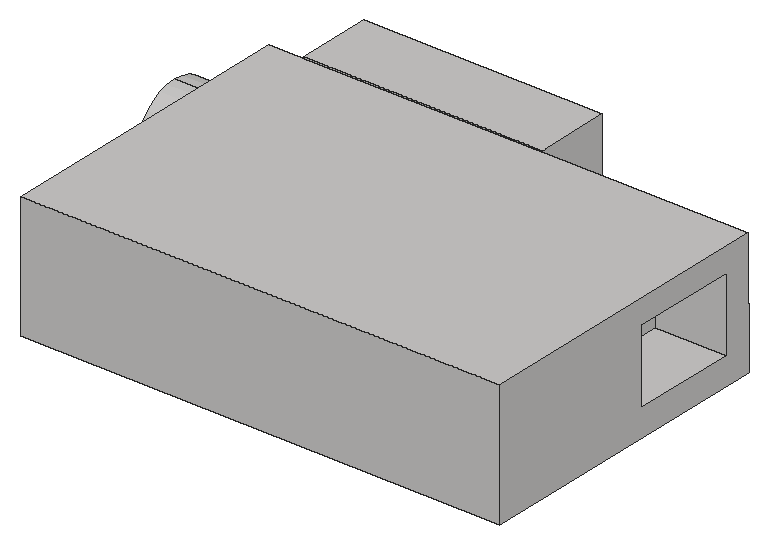
Revit family
Parameters
  Width = 2' - 2"
  Voltage = 277 V
  Unit Weight = "113.0 lbs"
  URL = "http://www.titus-hvac.com/"
  UL = "181"
  Supply Air Flow [instance] = 0 CFM
  Primary Air Pressure Drop [instance] = 0.00 in-wg
  Primary Air Flow [instance] = 0 CFM
  Plenum Air Pressure Drop [instance] = 0.00 in-wg
  Plenum Air Flow [instance] = 0 CFM
  Outlet Width = 0' - 9"
  Outlet Vertical Offset = 0' - 2 1/4"
  Outlet Horizontal Offset = 0' - 2"
  Outlet Height = 0' - 6 1/4"
  Number of Poles = 1
  Nominal Width = Width + 0' 6 1/4"  # 2' - 8 1/4"
  Nominal Length = Length + 0' 3 3/8"  # 3' - 7 5/8"
  Nominal Inlet Size = 0' - 8"
  Nominal Height = 0' - 10 5/8"
  NFPA = "90A"
  Motor Full Load Amps = 1.2 A
  Model = "DFLS"
  Min. Air Flow = 0 CFM
  Max. Air Flow = 900 CFM
  Material = Steel
  Manufacturer = "Titus"
  Length = 3' - 4 1/4"
  Juction Box Offset = 0' - 3"
  Inlet Diameter = Nominal Inlet Size - 0' 0 1/8"  # 0' - 7 7/8"
  Induced Air Inlet Vertical Offset = 0' - 0 5/8"
  Induced Air Inlet Horizontal Offset = 0' - 0 7/8"
  Induced Air Inlet Width = 1' - 2 5/8"
  Induced Air Inlet Height = 0' - 8 3/4"
  Induced Air Filter = no
  Height = 0' - 10 1/2"
  Heating Total Capacity [instance] = 0 Btu/h
  Half Outlet Connection Width = Outlet Width / 2  # 0' - 4 1/2"
  Half Outlet Connection Height = Outlet Height / 2  # 0' - 3 1/8"
  Half Height Start = -(Height / 2)  # -0' - 5 1/4"
  Half Height End = Height / 2  # 0' - 5 1/4"
  HP-Motor = "1/6"
  Frequency = 60 Hz
  Foil Face Liner = Choose Liner Option = 1  # no
  Fiber Free Liner = Choose Liner Option = 2  # no
  Fan Disconnect Switch = no
  Duct Radius = Nominal Inlet Size / 2  # 0' - 4"
  Description = "Series Fan Powered Terminal Unit, Direct Digital Control, Pressure Independent, Low Profile"
  Connection Void Radius = Connection Radius - 0' 0 1/4"  # 0' - 3 11/16"
  Connection Radius = Inlet Diameter / 2  # 0' - 3 15/16"
  Choose Liner Option = 0
  CADworks URL = "www.CADworks.net"
  Assembly Code = "D3040100"
  Apparent Power = Voltage * Motor Full Load Amps  # 332.4 VA
  Air Inlet Offset = 0' - 5 5/8"
  1/2" Fiberglass Liner = Choose Liner Option = 0  # yes
Reference planes (in)
  plane 1 "Center (Front/Back)": y = 0
  plane 2: z = 0
  plane 3 "Center (Left/Right)": x = 3
  plane 4: x = -17.125
  plane 5: x = 23.125
  plane 6: x = -14.125
  plane 7: x = -20.5
  plane 8 "Center (Elevation)": z = 0
  plane 9: y = -13
  plane 10: y = 13
  plane 11: y = 7.375
  plane 12: y = -12.125
  plane 13: y = 19.25
  plane 14: z = 5.25
  plane 15: z = -5.25
  plane 16: x = -11.125
  plane 17: x = 17.125
Forms (in)
  Extrusion 1, solid, material "Steel" <- "Material"
    sketch origin (0, 0, 0) x (1, 0, 0) y (0, 1, 0)
      loop
        line (-17.125, 13) -> (-17.125, -13) -> (23.125, -13) -> (23.125, 13) -> (-17.125, 13)
    from -5.25 <- "Half Height Start" to 5.25 <- "Half Height End"
  Extrusion 2, solid, material "Steel" <- "Material"
    sketch origin (4.5, 0, -4.25) x (1, 0, 0) y (0, 1, 0)
      loop
        line (-18.625, 13) -> (1.375, 13) -> (1.375, 19.25) -> (-18.625, 19.25) -> (-18.625, 13)
    from 0 to 9.625
  Extrusion 3, void
    sketch origin (23.125, 13, -0.5) x (0, 1, 0) y (0, 0, -1)
      loop
        line (-2.25, -3.75) -> (-2.25, 2.5) -> (-11.25, 2.5) -> (-11.25, -3.75) -> (-2.25, -3.75)
    from 0 to 6
  Extrusion 4, solid, material "Steel" <- "Material"
    sketch origin (-24.875, -5.125, 0) x (0, 0, -1) y (0, 1, 0)
      loop
        circle (0, 12.5) r 3.9375
    from 4.375 to 7.75
  Extrusion 5, void
    sketch origin (-24.875, 0, 0) x (0, 1, 0) y (0, 0, 1)
      loop
        circle (7.375, 0) r 3.6875
    from 4.375 to 13.75
  Extrusion 6, void
    sketch origin (-17.125, -13, 0) x (0, -1, 0) y (0, 0, -1)
      loop
        line (-15.5, -4.125) -> (-0.875, -4.125) -> (-0.875, 4.625) -> (-15.5, 4.625) -> (-15.5, -4.125)
    from 0 to 6
Cuts and joins
  Extrusion 3, Extrusion 5, Extrusion 6 cuts Extrusion 1
  Extrusion 5 cuts Extrusion 4
Dimensions and locks (in)
  "Length": plane 5 to plane 4
  equal spacing: plane 5, plane 3 "Center (Left/Right)", plane 4, locked at 20.125 each
  locked: Extrusion 2 to Extrusion 2 at 20
  "Juction Box Offset": plane 6 to plane 4
  "Outlet Height": Extrusion 3 sketch curve to Extrusion 3 sketch curve
  "Outlet Width": Extrusion 3 sketch curve to Extrusion 3 sketch curve
  locked: plane 4 to plane 7 at 3.375
  "Width": plane 9 to plane 10
  equal spacing: plane 9, plane 1 "Center (Front/Back)", plane 10, locked at 13 each
  locked: Extrusion 2 to Extrusion 2 at 6.25
  locked: cut or joined group of Extrusion 4, Extrusion 5 to plane 11 at 0
  locked: Extrusion 5 sketch curve to plane 11 at 0  (x2)
  "Air Inlet Offset": plane 10 to plane 11
  locked: cut or joined group of Extrusion 4, Extrusion 5 to cut or joined group of Extrusion 4, Extrusion 5 at 3.375
  "Outlet Horizontal Offset": Extrusion 3 sketch curve to cut or joined group of Extrusion 1, Extrusion 3, Extrusion 5, Extrusion 6
  "Induced Air Inlet Horizontal Offset": plane 9 to plane 12
  "Induced Air Inlet Width": Extrusion 6 sketch curve to Extrusion 6 sketch curve
  "Induced Air Inlet Height": Extrusion 6 sketch curve to Extrusion 6 sketch curve
  "Induced Air Inlet Horizontal Offset": Extrusion 6 sketch curve to plane 9
  "Outlet Vertical Offset": Extrusion 3 sketch curve to plane 10
  locked: Extrusion 4 sketch curve to level at 0
  locked: Extrusion 4 sketch curve to plane 11 at 0
  locked: Extrusion 5 sketch curve to level at 0
  "Induced Air Inlet Vertical Offset": cut or joined group of Extrusion 1, Extrusion 3, Extrusion 5, Extrusion 6 to Extrusion 6 sketch curve
  locked: Extrusion 2 to Extrusion 2 at 9.625
  locked: plane 15 to Extrusion 2 at 1
  equal spacing: plane 14, level, plane 15, locked at 5.25 each
  locked: plane 4 to plane 16 at 6
  locked: plane 17 to plane 5 at 6
  "Connection Radius": radius of Extrusion 4 sketch curve
  "Connection Void Radius": radius of Extrusion 5 sketch curve
  aligned and locked: plane 13 to Extrusion 2
  aligned and locked: plane 6 to Extrusion 2
  aligned and locked: plane 10 to cut or joined group of Extrusion 1, Extrusion 3, Extrusion 5, Extrusion 6
  aligned and locked: plane 4 to cut or joined group of Extrusion 1, Extrusion 3, Extrusion 5, Extrusion 6  (x2)
  aligned and locked: plane 5 to cut or joined group of Extrusion 1, Extrusion 3, Extrusion 5, Extrusion 6  (x2)
  aligned and locked: plane 9 to cut or joined group of Extrusion 1, Extrusion 3, Extrusion 5, Extrusion 6
  aligned and locked: plane 14 to cut or joined group of Extrusion 1, Extrusion 3, Extrusion 5, Extrusion 6
  aligned and locked: plane 15 to cut or joined group of Extrusion 1, Extrusion 3, Extrusion 5, Extrusion 6
  aligned and locked: plane 10 to Extrusion 2
  aligned and locked: Extrusion 3 to plane 17
  aligned and locked: Extrusion 6 to Extrusion 5
  aligned and locked: plane 17 to cut or joined group of Extrusion 1, Extrusion 3, Extrusion 5, Extrusion 6
  aligned and locked: plane 16 to cut or joined group of Extrusion 1, Extrusion 3, Extrusion 5, Extrusion 6  (x2)
  aligned and locked: plane 7 to cut or joined group of Extrusion 4, Extrusion 5  (x2)
  aligned and locked: plane 4 to cut or joined group of Extrusion 4, Extrusion 5
  aligned and locked: plane 12 to cut or joined group of Extrusion 1, Extrusion 3, Extrusion 5, Extrusion 6
Automatic sketch dimensions
  Extrusion 1 sketch curve to plane 4 = 0' - 0"
  plane 5 to Extrusion 1 sketch curve = 0' - 0"
  Extrusion 1 sketch curve to plane 9 = 0' - 0"
  Extrusion 1 sketch curve to plane 10 = 0' - 0"
  Extrusion 2 sketch curve to plane 6 = 0' - 0"
  Extrusion 2 sketch curve to plane 10 = 0' - 0"
  Extrusion 2 sketch curve to plane 5 = 1' - 5 1/4"
  Extrusion 2 sketch curve to Extrusion 2 sketch curve = 0' - 6 1/4"
Connectors (in)
  electrical at (-4.125, 19.25, 0.5625), driven by "Apparent Power", driven by "Voltage", driven by "Number of Poles"
    settings: on Extrusion 2, index 8
  hvac at (-20.5, 7.375, 0), driven by "Duct Radius", driven by "Primary Air Pressure Drop", driven by "Primary Air Flow"
    settings: on cut or joined group of Extrusion 4, Extrusion 5, index 9
  hvac at (-17.125, -4.8125, -0.25), driven by "Induced Air Inlet Height", driven by "Induced Air Inlet Width", driven by "Plenum Air Pressure Drop", driven by "Plenum Air Flow"
    settings: on cut or joined group of Extrusion 1, Extrusion 3, Extrusion 5, Extrusion 6, index 10
  hvac at (23.125, 6.25, 0.125), driven by "Outlet Height", driven by "Outlet Width", driven by "Supply Air Flow"
    settings: on cut or joined group of Extrusion 1, Extrusion 3, Extrusion 5, Extrusion 6, index 11
